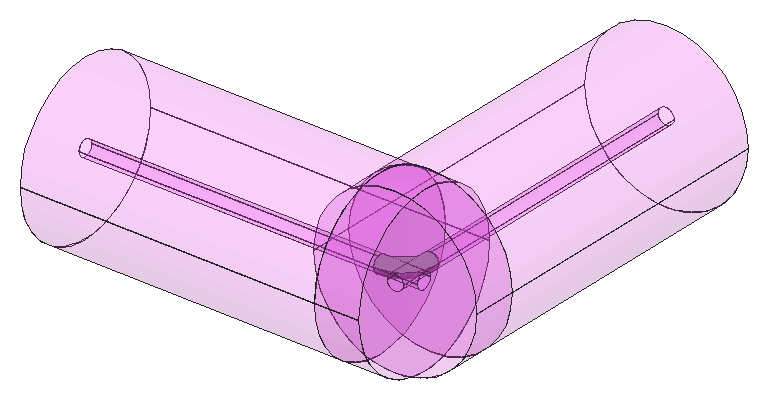
Revit family "(FMP)Long Elbow_STS_15A-2050A", category Pipe Fittings, Revit 2021
Family settings
  Round Connector Dimension = Use Radius
  Part Type = Elbow
  Work Plane-Based = No
  Always vertical = Yes
  Cut with Voids When Loaded = No
  Shared = No
Parameters (values of type "Long Elbow_10S_BE, A1K(STS304)")
  용도분류 [instance] = ""
  Tick Size [instance] = Out Diameter * 0.7  # 7.595 mm
  SB_ZONE [instance] = ""
  SB_UTILITY [instance] = ""
  SB_SUBCON [instance] = ""
  SB_SHOPDATE [instance] = ""
  SB_REVDATE [instance] = ""
  SB_REV [instance] = ""
  SB_PROJECT [instance] = ""
  SB_PHASE [instance] = ""
  SB_INDATE [instance] = ""
  SB_FUTURE [instance] = ""
  SB_FL [instance] = ""
  SB_EXCLUSION [instance] = ""
  SB_CONSTRUCTION TYPE [instance] = ""
  SB_CONDATE [instance] = ""
  SB_CAPA [instance] = ""
  SB_BLDG [instance] = ""
  Radius [instance] = 7.5 mm
  PFA Size [instance] = ""
  Out Diameter [instance] = size_lookup(Link, "OD", -1 mm, Diameter) / 2  # 10.85 mm
  Link = "Long Elbow_STS_15A-2050A"
  Length2 [instance] = size_lookup(Link, "Length2", -1 mm, Diameter)  # 15.8 mm
  Length1 [instance] = size_lookup(Link, "Length1", -1 mm, Diameter)  # 38.1 mm
  Length [instance] = if(Angle > 67.50°, Length1, Length2)  # 38.1 mm
  IP_NOTE [instance] = ""
  Dummy_THK [instance] = 100 mm  # constant formula
  Dummy_Length [instance] = 400 mm  # constant formula
  Diameter [instance] = Radius * 2  # 15 mm
  Default Elevation = 0 mm
  CUSTOM_3 [instance] = ""
  CUSTOM_2 [instance] = ""
  CUSTOM_1 [instance] = ""
  Angle [instance] = 90.00°
Types (3): name
  Long Elbow_10S_BE, A1K(STS304)
  Long Elbow_10S_BE, A1L1(STS304 AP)
  Long Elbow_5S_BE, A1L2(STS316L BA)
Reference planes
  plane 1 "Center (Front/Back)": y = 0
  plane 2: z = 0
  plane 3 "Center (Left/Right)": x = 0
  plane 4: x = -38.1
Forms (mm)
  Sweep 1, solid, material "Default", detail levels fine
    path in 3D
      loop
        arc (-38.1, 0, 0) -> (-11.159, 11.159, 0) -> (0, 38.1, 0) r 38.1
    profile "Long Elbow_STS_15A-2050A : Out Diameter A" origin (-11.159, 11.159, 0) x (-0.707107, 0.707107, 0) y (0, 0, 1)
      loop
        circle (0, 0) r 10.85
Lines and regions (mm)
  reference lines
    curve 1: line (-38.1, 0, 0) -> (0, 0, 0)
    curve 2: line (0, 0, 0) -> (0, 38.1, 0)
    curve 3: arc (-38.1, 0, 0) -> (-11.159, 11.159, 0) -> (0, 38.1, 0) r 38.1
  sketch lines
    curve 4: arc (-38.1, 0, 0) -> (-11.159, 11.159, 0) -> (0, 38.1, 0) r 38.1
  model lines
    curve 5: line (-38.1, 7.595, 0) -> (-38.1, 0, 0)
    curve 6: line (-38.1, -7.595, 0) -> (-38.1, 0, 0)
    curve 7: line (-7.595, 38.1, 0) -> (0, 38.1, 0)
    curve 8: line (0, 38.1, 0) -> (7.595, 38.1, 0)
  model lines, style "PipeFitting"
    curve 9: arc (-38.1, 0, 0) -> (-11.159, 11.159, 0) -> (0, 38.1, 0) r 38.1
Dimensions and locks
  "Length": plane 4 to plane 3 "Center (Left/Right)"
  "Length": curve 2 to curve 2
  "Tick Size": curve 6 to curve 6
  "Tick Size": curve 5 to curve 6
  "Tick Size": curve 7 to curve 7
  "Tick Size": curve 8 to curve 8
  "Angle": angle plane 1 "Center (Front/Back)" to curve 2
  "Angle": angle curve 9 to curve 9
  aligned and locked: level to plane 2
  aligned and locked: plane 4 to curve 1
  aligned and locked: plane 1 "Center (Front/Back)" to curve 1
  aligned and locked: plane 3 "Center (Left/Right)" to curve 1
  aligned and locked: plane 1 "Center (Front/Back)" to nested 2
  aligned and locked: plane 4 to nested 2
  aligned and locked: curve 2 to nested 1
  aligned and locked: nested 1 to Sweep 1
  aligned and locked: curve 6 to curve 1
  aligned and locked: plane 4 to curve 9
  aligned and locked: curve 9 to curve 3
Automatic sketch dimensions
  curve 5 to curve 1 = 0 mm
  curve 7 to curve 2 = 0 mm  (x2)
Nested families
  nested 1: "(FMP)Welding Space_Pipe Fitting_Dummy" at (0, 38.1, 0), Angle <- "Angle", THK A <- "Dummy_THK", IN Radius <- "Out Diameter", Radius <- "Radius", SB_FL <- "SB_FL", SB_REV <- "SB_REV", SB_REVDATE <- "SB_REVDATE", SB_CAPA <- "SB_CAPA", SB_FUTURE <- "SB_FUTURE", SB_PHASE <- "SB_PHASE", Length B <- "Dummy_Length", CUSTOM_1 <- "CUSTOM_1", CUSTOM_2 <- "CUSTOM_2", CUSTOM_3 <- "CUSTOM_3", SB_CONDATE <- "SB_CONDATE", SB_INDATE <- "SB_INDATE", SB_SHOPDATE <- "SB_SHOPDATE", SB_SUBCON <- "SB_SUBCON", SB_ZONE <- "SB_ZONE", SB_BLDG <- "SB_BLDG", SB_UTILITY <- "SB_UTILITY", SB_EXCLUSION <- "SB_EXCLUSION", SB_PROJECT <- "SB_PROJECT", SB_CONSTRUCTION TYPE <- "SB_EXCLUSION", type "Welding Space_Pipe Fitting, Dummy", detail levels fine
    with Top_R 125 mm, THK A 100 mm, SB_ZONE "", SB_UTILITY "", SB_SUBCON "", SB_SHOPDATE "", SB_REVDATE "", SB_REV "", SB_PROJECT "", SB_PHASE "", SB_NAME "Dummy", SB_INDATE "", SB_FUTURE "", SB_FL "", SB_FIELD "OMW", SB_EXCLUSION "", SB_CONSTRUCTION TYPE "", SB_CONDATE "", SB_CAPA "", SB_BLDG "", Radius 7.5 mm, Out Radius 110.85 mm, OD 69.9 mm, Length B 400 mm, Length A 60 mm, IN Radius 10.85 mm, Dummy Height 50 mm, Dummy Dia 250 mm, Diameter 15 mm, CUSTOM_3 "", CUSTOM_2 "", CUSTOM_1 "", Body_W 19 mm, Angle 90.00°
  nested 2: "(FMP)Welding Space_Pipe Fitting_Dummy" at (-38.1, 0, 0), THK A <- "Dummy_THK", IN Radius <- "Out Diameter", Radius <- "Radius", SB_FL <- "SB_FL", SB_REV <- "SB_REV", SB_REVDATE <- "SB_REVDATE", SB_CAPA <- "SB_CAPA", SB_FUTURE <- "SB_FUTURE", SB_PHASE <- "SB_PHASE", Length A <- "Dummy_Length", CUSTOM_1 <- "CUSTOM_1", CUSTOM_2 <- "CUSTOM_2", CUSTOM_3 <- "CUSTOM_3", SB_CONDATE <- "SB_CONDATE", SB_INDATE <- "SB_INDATE", SB_SHOPDATE <- "SB_SHOPDATE", SB_SUBCON <- "SB_SUBCON", SB_ZONE <- "SB_ZONE", SB_BLDG <- "SB_BLDG", SB_UTILITY <- "SB_UTILITY", SB_EXCLUSION <- "SB_EXCLUSION", SB_PROJECT <- "SB_PROJECT", SB_CONSTRUCTION TYPE <- "SB_EXCLUSION", type "Welding Space_Pipe Fitting, Dummy", detail levels fine
    with Top_R 125 mm, THK A 100 mm, SB_ZONE "", SB_UTILITY "", SB_SUBCON "", SB_SHOPDATE "", SB_REVDATE "", SB_REV "", SB_PROJECT "", SB_PHASE "", SB_NAME "Dummy", SB_INDATE "", SB_FUTURE "", SB_FL "", SB_FIELD "OMW", SB_EXCLUSION "", SB_CONSTRUCTION TYPE "", SB_CONDATE "", SB_CAPA "", SB_BLDG "", Radius 7.5 mm, Out Radius 110.85 mm, OD 69.9 mm, Length B 60 mm, Length A 400 mm, IN Radius 10.85 mm, Dummy Height 50 mm, Dummy Dia 250 mm, Diameter 15 mm, CUSTOM_3 "", CUSTOM_2 "", CUSTOM_1 "", Body_W 19 mm, Angle 0.00°
Connectors
  piping at (-38.1, 0, 0), diameter 15, driven by "Angle", driven by "Radius"
    settings: on Sweep 1, index 1, connector inside diameter 609.6 mm, connector length 0 mm, flow factor 0, pipe flow 0.0 L/s, pressure drop 0.0 Pa, fitting loss kfactor 0, connector angle 90.00°, fixture units 0, engagement length 0 mm, angle of deflection 0.00°, flow configuration 0, flow direction 0, fitting loss method 0, system type 28, joint type 0, gender type 0, connector reference index 2, connector utility 0, adjustable connector no, is connector primary yes, connector description ""
  piping at (0, 38.1, 0), diameter 15, driven by "Angle", driven by "Radius"
    settings: on Sweep 1, index 2, connector inside diameter 609.6 mm, connector length 0 mm, flow factor 0, pipe flow 0.0 L/s, pressure drop 0.0 Pa, fitting loss kfactor 0, connector angle 90.00°, fixture units 0, engagement length 0 mm, angle of deflection 0.00°, flow configuration 0, flow direction 0, fitting loss method 0, system type 28, joint type 0, gender type 0, connector reference index 1, connector utility 0, adjustable connector no, is connector primary no, connector description ""
Definition of nested family "(FMP)Welding Space_Pipe Fitting_Dummy"
  Parameters (values of type "Welding Space_Pipe Fitting, Dummy")
    Top_R [instance] = 125 mm
    THK A [instance] = 50 mm
    SB_ZONE [instance] = ""
    SB_UTILITY [instance] = ""
    SB_SUBCON [instance] = ""
    SB_SHOPDATE [instance] = ""
    SB_PROJECT [instance] = ""
    SB_INDATE [instance] = ""
    SB_EXCLUSION [instance] = ""
    SB_CONSTRUCTION TYPE [instance] = ""
    SB_CONDATE [instance] = ""
    SB_BLDG [instance] = ""
    OD [instance] = 69.9 mm
    Length B [instance] = 60 mm
    Length A [instance] = 60 mm
    SB_REVDATE [instance] = ""
    SB_REV [instance] = ""
    SB_PHASE [instance] = ""
    SB_NAME [instance] = "Dummy"  # constant formula
    SB_FUTURE [instance] = ""
    SB_FL [instance] = ""
    SB_FIELD [instance] = "OMW"  # constant formula
    SB_CAPA [instance] = ""
    IN Radius [instance] = 20 mm
    Radius [instance] = 62.5 mm
    Out Radius [instance] = IN Radius + THK A  # 70 mm
    Model = "Dummy_Auto_Welding"  # constant formula
    Dummy Height [instance] = 50 mm
    Dummy Dia [instance] = 250 mm
    Diameter [instance] = Radius * 2  # 125 mm
    Default Elevation = 0 mm
    CUSTOM_3 [instance] = ""
    CUSTOM_2 [instance] = ""
    CUSTOM_1 [instance] = ""
    Body_W [instance] = 19 mm
    Angle [instance] = 90.00°
  Reference planes
    plane 1 "Center (Front/Back)": y = 0
    plane 2: z = 0
    plane 3 "Center (Left/Right)": x = 0
  Forms (mm)
    Sweep 1, solid
      path in 3D
        loop
          line (0, 0, 0) -> (0, 60, 0)
      profile origin (0, 30, 0) x (-1, 0, 0) y (0, 0, 1)
        loop
          circle (0, 0) r 70
        loop
          circle (0, 0) r 20
    Sweep 2, solid
      path in 3D
        loop
          line (0, 0, 0) -> (0, -60, 0)
      profile origin (0, -30, 0) x (1, 0, 0) y (0, 0, 1)
        loop
          circle (0, 0) r 70
        loop
          circle (0, 0) r 20
  Lines and regions (mm)
    reference lines
      curve 1: line (0, 0, 0) -> (0, 60, 0)
      curve 3: line (0, 0, 0) -> (0, -60, 0)
    sketch lines
      curve 2: line (0, 0, 0) -> (0, 60, 0)
      curve 4: line (0, 0, 0) -> (0, -60, 0)
  Dimensions and locks
    "Length B": curve 1 to curve 1
    "Length A": curve 3 to curve 3
    "IN Radius": radius of Sweep 1 sketch curve
    "Out Radius": radius of Sweep 1 sketch curve
    "Out Radius": radius of Sweep 2 sketch curve
    "IN Radius": radius of Sweep 2 sketch curve
    "Angle": angle plane 1 "Center (Front/Back)" to curve 1
    "Angle": angle plane 1 "Center (Front/Back)" to curve 3
    aligned and locked: level to plane 2
    aligned and locked: plane 1 "Center (Front/Back)" to curve 1
    aligned and locked: plane 3 "Center (Left/Right)" to curve 1
  Automatic sketch dimensions
    Sweep 1 sketch curve to Sweep 1 sketch curve = 0 mm  (x2)
    Sweep 1 sketch curve to profile plane = 0 mm  (x2)
    Sweep 2 sketch curve to Sweep 2 sketch curve = 0 mm  (x2)
    profile plane to Sweep 2 sketch curve = 0 mm
    Sweep 2 sketch curve to profile plane = 0 mm
